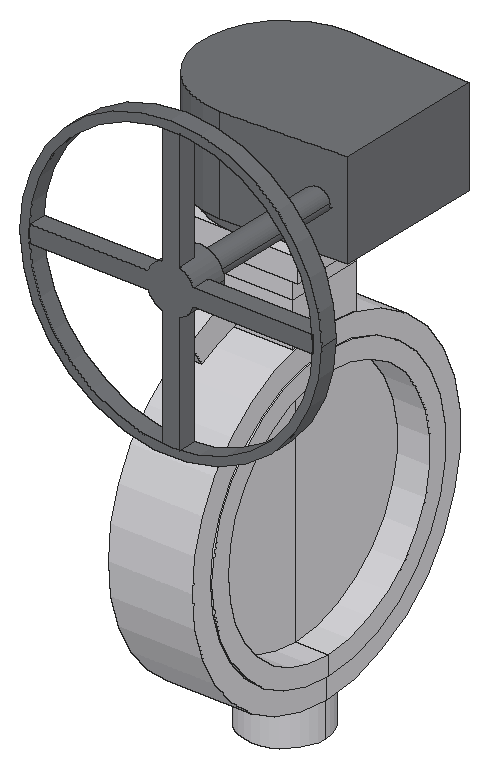
Revit family "HPA 1WSTG Butterfly Valve Gear", category Pipe Accessories, Revit 2018
Family settings
  Round Connector Dimension = Use Diameter
  Part Type = Normal
  Work Plane-Based = No
  Always vertical = Yes
  Cut with Voids When Loaded = No
  Shared = No
Parameters (values of type "Standard")
  pipe radius [instance] = Pipe Diameter / 2  # 3.3125"
  Weight [instance] = size_lookup(LookupTable, "Weight", "NA", Nominal Diameter)  # "24.2 lbs."
  URL = "http://www.fnw.com"
  Standards Lookup Table = "Standards"  # constant formula
  Show Lever Clearance [instance] = no
  R3 [instance] = size_lookup(LookupTable, "R3", 0.000", Nominal Diameter)  # 3.8125"
  R2 [instance] = size_lookup(LookupTable, "R2", 0.000", Nominal Diameter)  # 5.130"
  R1 [instance] = size_lookup(LookupTable, "R1", 0.000", Nominal Diameter)  # 4.380"
  Product ID [instance] = size_lookup(LookupTable, "ProductID", "NA", Nominal Diameter)  # "7239433"
  Pipe Diameter [instance] = size_lookup(Standards Lookup Table, "pipe_dia", 0.000", Nominal Diameter)  # 6.625"
  Part Number [instance] = size_lookup(LookupTable, "PartNumber", "NA", Nominal Diameter)  # "FNWHPA1WSTGU"
  Nominal Diameter [instance] = 6"
  LookupTable [instance] = "HPA 1WSTG Butterfly Valve Gear"  # constant formula
  L4 [instance] = size_lookup(LookupTable, "L4", 0.000", Nominal Diameter)  # 0.5625"
  L3 [instance] = size_lookup(LookupTable, "L3", 0.000", Nominal Diameter)  # 0.060"
  L2 [instance] = size_lookup(LookupTable, "L2", 0.000", Nominal Diameter)  # 0.060"
  L1 [instance] = size_lookup(LookupTable, "L1", 0.000", Nominal Diameter)  # 2.070"
  H4 [instance] = size_lookup(LookupTable, "H4", 0.000", Nominal Diameter)  # 6.980"
  H3 [instance] = size_lookup(LookupTable, "H3", 0.000", Nominal Diameter)  # 6.350"
  H2 [instance] = size_lookup(LookupTable, "H2", 0.000", Nominal Diameter)  # 5.405"
  H1 [instance] = size_lookup(LookupTable, "H1", 0.000", Nominal Diameter)  # 5.310"
  Description BOM [instance] = size_lookup(LookupTable, "Description_BOM", "NA", Nominal Diameter)  # "6 SS SS ULTRA 150# WAFER HP BFV GO"
  D2 [instance] = size_lookup(LookupTable, "D2", 0.000", Nominal Diameter)  # 2.130"
  D1 [instance] = size_lookup(LookupTable, "D1", 0.000", Nominal Diameter)  # 3.540"
  A1 [instance] = 33.00°  # constant formula
  1_Z4 [instance] = size_lookup(LookupTable, "1_Z4", 0.000", Nominal Diameter)  # 1.691"
  1_Z3 [instance] = size_lookup(LookupTable, "1_Z3", 0.000", Nominal Diameter)  # 2.50984"
  1_Z2 [instance] = size_lookup(LookupTable, "1_Z2", 0.000", Nominal Diameter)  # 0.441"
  1_Y5 [instance] = size_lookup(LookupTable, "1_Y5", 0.000", Nominal Diameter)  # 0.47244"
  1_Y4 [instance] = size_lookup(LookupTable, "1_Y4", 0.000", Nominal Diameter)  # 0.94488"
  1_Y3 [instance] = size_lookup(LookupTable, "1_Y3", 0.000", Nominal Diameter)  # 6.76504"
  1_Y2 [instance] = 0.000"  # constant formula
  1_Y1 [instance] = size_lookup(LookupTable, "1_Y1", 0.000", Nominal Diameter)  # 2.047"
  1_X7 [instance] = size_lookup(LookupTable, "1_X7", 0.000", Nominal Diameter)  # 3.935"
  1_X6 [instance] = size_lookup(LookupTable, "1_X6", 0.000", Nominal Diameter)  # 0.62992"
  1_X5 [instance] = size_lookup(LookupTable, "1_X5", 0.000", Nominal Diameter)  # 0.31496"
  1_X4 [instance] = size_lookup(LookupTable, "1_X4", 0.000", Nominal Diameter)  # 2.440"
  1_X3 [instance] = size_lookup(LookupTable, "1_X3", 0.000", Nominal Diameter)  # 3.2274"
Reference planes (in)
  plane 1 "Center (Front/Back)": y = 0
  plane 2: z = 0
  plane 3 "Center (Left/Right)": x = 0
  plane 4: y = 1.035
  plane 5: y = -1.035
  plane 6: x = -1.035
  plane 7: x = 1.035
  plane 8: x = -1.095
  plane 9: x = 1.095
  plane 10: z = -4.38
  plane 11: z = 4.38
  plane 12: z = -5.13
  plane 13: z = 5.13
  plane 14: z = -5.31
  plane 15: z = 5.405
  plane 16: z = 6.35
  plane 17 "Pad Top": z = 6.98
  plane 18: x = -1.77
  plane 19: x = 1.77
  plane 20: z = 3.3125
  plane 21: x = -1.155
  plane 22: x = 1.155
  plane 23: z = 3.8125
  plane 24: x = -0.28125
  plane 25: x = 0.28125
  plane 26: z = -3.8125
  plane 27: x = -0.4725
Forms (in)
  Extrusion 1, solid, material "Steel, Stainless hp"
    sketch origin (0, 0, 0) x (1, 0, 0) y (0, 1, 0)
      loop
        line (-1.77, 1.77) -> (-1.77, -1.77) -> (1.77, -1.77) -> (1.77, 1.77) -> (-1.77, 1.77)
    from 6.35 to 6.98
  Revolve 2, solid, material "Steel, Stainless hp"
    sketch origin (0, 0, 0) x (1, 0, 0) y (0, 0, 1)
      loop
        line (-1.095, 3.8125) -> (1.095, 3.8125) -> (1.095, 4.38) -> (-1.095, 4.38) -> (-1.095, 3.8125)
      axis (-1.095, 0) -> (1.095, 0)
    angle from 0 to 360
  Revolve 3, solid, material "Steel, Stainless hp"
    sketch origin (0, 0, 0) x (1, 0, 0) y (0, 0, 1)
      loop
        line (-1.155, 3.8125) -> (-1.155, 3.3125) -> (-0.28125, 3.3125) -> (-0.28125, 0) -> (0.28125, 0) -> (0.28125, 3.3125) -> (1.155, 3.3125) -> (1.155, 3.8125) -> (-1.155, 3.8125)
      axis (1.155, 0) -> (-1.155, 0)
    angle from 0 to 360
  Extrusion 4, solid, material "Steel, Stainless hp"
    sketch origin (0, 0, 0) x (1, 0, 0) y (0, 1, 0)
      loop
        line (-1.035, 1.035) -> (-1.035, -1.035) -> (1.035, -1.035) -> (1.035, 1.035) -> (-1.035, 1.035)
    from 3.8125 to 5.405
  Extrusion 5, solid, material "Steel, Stainless hp"
    sketch origin (0, 0, 0) x (1, 0, 0) y (0, 1, 0)
      loop
        line (-1.035, 1.035) -> (-1.035, -1.035) -> (1.035, -1.035) -> (1.035, 1.035) -> (-1.035, 1.035)
    from 5.405 to 6.35
  Extrusion 6, solid, material "Steel, Stainless hp"
    sketch origin (0, 0, 0) x (1, 0, 0) y (0, 1, 0)
      loop
        circle (0, 0) r 1.065
    from -5.31 to -3.8125
  Extrusion 7, solid, material "Steel, Stainless hp"
    sketch origin (0, 0, 0) x (0, 1, 0) y (0, 0, 1)
      loop
        arc (2.51608, 4.4706) -> (0, 5.13) -> (-2.51608, 4.4706) r 5.13
        line (-2.51608, 4.4706) -> (-2.10664, 3.84011)
        arc (-2.10664, 3.84011) -> (0, 4.38) -> (2.10664, 3.84011) r 4.38
        line (2.10664, 3.84011) -> (2.51608, 4.4706)
    from -1.035 to -0.4725
Cuts and joins
  joined: Extrusion 4, Extrusion 7
Dimensions and locks (in)
  equal spacing: plane 5, plane 1 "Center (Front/Back)", plane 4
  "L1": plane 5 to plane 4
  equal spacing: plane 7, plane 3 "Center (Left/Right)", plane 6
  "L1": plane 7 to plane 6
  "L2": plane 6 to plane 8
  "L2": plane 7 to plane 9
  "R1": plane 2 to plane 10
  "R1": plane 11 to plane 2
  "R2": plane 13 to plane 2
  "R2": plane 2 to plane 12
  "H1": plane 2 to plane 14
  "H2": plane 15 to plane 2
  "H3": plane 16 to plane 2
  "H4": plane 17 "Pad Top" to plane 2
  equal spacing: plane 18, plane 3 "Center (Left/Right)", plane 19
  "D1": plane 18 to plane 19
  "pipe radius": plane 20 to plane 2
  "L3": plane 21 to plane 8
  "L3": plane 9 to plane 22
  "R3": plane 23 to plane 2
  equal spacing: plane 25, plane 3 "Center (Left/Right)", plane 24
  "L4": plane 25 to plane 24
  "R3": plane 2 to plane 26
  equal spacing: Extrusion 5 sketch curve, plane 3 "Center (Left/Right)", Extrusion 5 sketch curve
  equal spacing: Extrusion 5 sketch curve, plane 1 "Center (Front/Back)", Extrusion 5 sketch curve
  "L1": Extrusion 5 sketch curve to Extrusion 5 sketch curve  (x2)
  equal spacing: Extrusion 1 sketch curve, plane 3 "Center (Left/Right)", Extrusion 1 sketch curve
  equal spacing: Extrusion 1 sketch curve, plane 1 "Center (Front/Back)", Extrusion 1 sketch curve
  "D1": Extrusion 1 sketch curve to Extrusion 1 sketch curve  (x2)
  "L4": plane 27 to plane 6
  equal spacing: Extrusion 7 sketch curve, plane 1 "Center (Front/Back)", Extrusion 7 sketch curve  (x2)
  "D2": diameter of Extrusion 6 sketch curve
  radius of Revolve 2 = 4.380"  (x2)
  "R1": radius of Extrusion 7 sketch curve
  "R2": radius of Extrusion 7 sketch curve
  "A1": angle plane 1 "Center (Front/Back)" to Extrusion 7 sketch curve
  "A1": angle Extrusion 7 sketch curve to plane 1 "Center (Front/Back)"
  aligned and locked: plane 2 to level
  aligned and locked: Extrusion 1 to plane 16
  aligned and locked: plane 17 "Pad Top" to Extrusion 1
  aligned and locked: Revolve 2 sketch curve to plane 2
  aligned and locked: Revolve 2 sketch curve to plane 8
  aligned and locked: plane 9 to Revolve 2 sketch curve
  aligned and locked: Revolve 2 sketch curve to plane 23
  aligned and locked: plane 11 to Revolve 2 sketch curve
  aligned and locked: plane 2 to Revolve 3 sketch curve  (x2)
  aligned and locked: Revolve 3 sketch curve to plane 20  (x2)
  aligned and locked: Revolve 3 sketch curve to plane 23
  aligned and locked: plane 21 to Revolve 3 sketch curve
  aligned and locked: Revolve 3 sketch curve to plane 22
  aligned and locked: plane 6 to Extrusion 4 sketch curve
  aligned and locked: plane 4 to Extrusion 4 sketch curve
  aligned and locked: plane 7 to Extrusion 4 sketch curve
  aligned and locked: plane 5 to Extrusion 4 sketch curve
  aligned and locked: Extrusion 4 to plane 23
  aligned and locked: plane 15 to Extrusion 4
  aligned and locked: Extrusion 5 to plane 15
  aligned and locked: plane 16 to Extrusion 5
  aligned and locked: plane 14 to Extrusion 6
  aligned and locked: Extrusion 6 to plane 26
  aligned and locked: Revolve 3 sketch curve to plane 25
  aligned and locked: Revolve 3 sketch curve to plane 24
  aligned and locked: Extrusion 7 to plane 6
  aligned and locked: plane 27 to Extrusion 7
Automatic sketch dimensions
  plane 18 to Revolve 2 sketch curve = 1.38258"
  plane 19 to Revolve 2 sketch curve = 0.67957"
  plane 18 to Revolve 3 sketch curve = 0.55945"
  Revolve 3 sketch curve to plane 24 = 0.0725"
  plane 1 "Center (Front/Back)" to Extrusion 6 sketch curve = 0.000"
  Extrusion 6 sketch curve to plane 3 "Center (Left/Right)" = 0.000"
  Extrusion 7 sketch curve to Extrusion 7 sketch curve = 0.000"  (x3)
  Extrusion 7 sketch curve to level = 0.000"
  plane 11 to Extrusion 7 sketch curve = 0.0906"
Nested families (in)
  nested 1: "butterfly gear" at (0, 0, 6.98), 1_Y1 <- "D2", 1_X3 <- "1_X3", 1_X4 <- "1_X4", 1_X5 <- "1_X5", 1_Z3 <- "1_Z3", 1_Y2 <- "1_Y2", 1_Z2 <- "1_Z2", D1 <- "D1", 1_X6 <- "1_X6", 1_X7 <- "1_X7", 1_Y3 <- "1_Y3", 1_Y4 <- "1_Y4", 1_Y5 <- "1_Y5", 1_Z4 <- "1_Z4", type "butterfly gear"
    with Spoke half 0.22451", Spoke 0.44901", ORS 3.71625", Locked Angle 3.00°, IRS 0.84867", D1 3.540", 1_Z4 1.691", 1_Z3 Half 1.25492", 1_Z3 2.50984", 1_Z2 0.441", 1_Y5 0.47244", 1_Y4 0.94488", 1_Y3 6.76504", 1_Y2_Half 0.000", 1_Y2 0.000", 1_Y1_Half 1.065", 1_Y1 2.130", 1_X7 3.935", 1_X6 0.62992", 1_X5 0.31496", 1_X4 2.440", 1_X3 3.2274"
Connectors (in)
  piping at (-1.095, 0, 0), diameter 6, driven by "Nominal Diameter"
    settings: on Revolve 2, index 1, connector inside diameter 24", connector length 0.000", flow factor 0, pipe flow 0 GPM, pressure drop 0.00 psi, fitting loss kfactor 0, connector angle 0.00°, fixture units 0, engagement length 0.000", angle of deflection 0.00°, flow configuration 0, flow direction 0, fitting loss method 0, system type 7, joint type 0, gender type 0, connector reference index -1, connector utility 0, adjustable connector no, is connector primary yes, connector description ""
  piping at (1.095, 0, 0), diameter 6, driven by "Nominal Diameter"
    settings: on Revolve 2, index 2, connector inside diameter 24", connector length 0.000", flow factor 0, pipe flow 0 GPM, pressure drop 0.00 psi, fitting loss kfactor 0, connector angle 0.00°, fixture units 0, engagement length 0.000", angle of deflection 0.00°, flow configuration 0, flow direction 0, fitting loss method 0, system type 7, joint type 0, gender type 0, connector reference index -1, connector utility 0, adjustable connector no, is connector primary no, connector description ""
Definition of nested family "butterfly gear"
  Parameters (values of type "butterfly gear")
    Spoke half [instance] = 0.22451"
    Spoke [instance] = Spoke half * 2  # 0.44901"
    ORS [instance] = [1_X7] - 0.21875"  # 1.78125"
    Locked Angle [instance] = 3.00°  # constant formula
    IRS [instance] = [1_X6] + 0.21875"  # 0.90625"
    D1 [instance] = 1.500"
    1_Z4 [instance] = 3.750"
    1_Z3 Half [instance] = [1_Z3] / 2  # 0.375"
    1_Z3 [instance] = 0.750"
    1_Z2 [instance] = 0.250"
    Default Elevation = 48.000"
    1_Y5 [instance] = 0.375"
    1_Y4 [instance] = 1.125"
    1_Y3 [instance] = 3.250"
    1_Y2_Half [instance] = [1_Y2] / 2  # 6.61721"
    1_Y2 [instance] = 13.23443"
    1_Y1_Half [instance] = [1_Y1] / 2  # 0.59961"
    1_Y1 [instance] = 1.19922"
    1_X7 [instance] = 2.000"
    1_X6 [instance] = 0.6875"
    1_X5 [instance] = 0.250"
    1_X4 [instance] = 1.500"
    1_X3 [instance] = 2.15625"
  Reference planes (in)
    plane 1 "Center (Front/Back)": y = 0
    plane 2: z = 0
    plane 3 "Center (Left/Right)": x = 0
    plane 4 "Top": z = 0.25
    plane 5: x = 2.15625
    plane 6: y = 1.19922
    plane 7: y = -1.19922
    plane 8: z = 1
    plane 9: x = 1.5
    plane 10: y = -3.25
    plane 11 "gear center": z = 3.75
    plane 12: y = -2.875
  Forms (in)
    Extrusion 1, solid
      sketch origin (0, 0, 0) x (1, 0, 0) y (0, 1, 0)
        loop
          arc (0, 1.19922) -> (-1.19922, 0) -> (0, -1.19922) r 1.19922
          line (0, -1.19922) -> (2.15625, -1.08621) -> (2.15625, 1.08621) -> (0, 1.19922)
      from 0.25 to 1
    Extrusion 2, solid
      sketch origin (0, 0, 0) x (1, 0, 0) y (0, 1, 0)
        loop
          circle (0, 0) r 0.75
      from 0 to 0.25
    Revolve 3, solid
      sketch origin (0, 0, 3.75) x (-1, 0, 0) y (0, -1, 0)
        loop
          line (-1.5, 0) -> (-1.25, 0) -> (-1.25, 2.125) -> (-0.8125, 2.125) -> (-0.8125, 3.25) -> (-1.5, 3.25) -> (-1.5, 0)
        axis (-1.5, 0) -> (-1.5, 3.25)
      angle from 0 to 360
    Extrusion 4, solid
      sketch origin (0, 0, 0) x (1, 0, 0) y (0, 0, 1)
        loop
          line (1.27549, 5.53125) -> (1.27549, 3.97451) -> (-0.28125, 3.97451) -> (-0.28125, 3.52549) -> (1.27549, 3.52549) -> (1.27549, 1.96875) -> (1.72451, 1.96875) -> (1.72451, 3.52549) -> (3.28125, 3.52549) -> (3.28125, 3.97451) -> (1.72451, 3.97451) -> (1.72451, 5.53125) -> (1.27549, 5.53125)
      from 2.875 to 3.25
    Extrusion 5, solid
      sketch origin (0, 0, 0) x (1, 0, 0) y (0, 0, 1)
        loop
          circle (1.5, 3.75) r 1.78125
        loop
          circle (1.5, 3.75) r 2
      from 2.875 to 3.25
  Cuts and joins
    joined: Revolve 3, Extrusion 4
  Lines and regions (in)
    reference lines
      curve 1: line (1.27406, 0, 0) -> (-2.01203, 0, 0)
      curve 2: line (0, 0.75, 0) -> (0, -0.75, 0)
  Dimensions and locks (in)
    "1_Z2": plane 4 "Top" to level
    "1_X3": plane 3 "Center (Left/Right)" to plane 5
    "1_Y1": plane 7 to plane 1 "Center (Front/Back)"
    "1_Y1": plane 1 "Center (Front/Back)" to plane 6
    "1_Z3": plane 8 to plane 4 "Top"
    "1_X4": plane 3 "Center (Left/Right)" to plane 9
    "1_Y3": plane 10 to plane 1 "Center (Front/Back)"
    "1_X5": Revolve 3 sketch curve to plane 9
    "1_X6": Revolve 3 sketch curve to plane 9
    "1_Y4": Revolve 3 sketch curve to plane 10
    "1_Y5": plane 12 to plane 10
    "1_Z4": plane 11 "gear center" to plane 2
    equal spacing: Extrusion 4 sketch curve, plane 9, Extrusion 4 sketch curve
    equal spacing: Extrusion 4 sketch curve, plane 11 "gear center", Extrusion 4 sketch curve
    "Spoke": Extrusion 4 sketch curve to Extrusion 4 sketch curve  (x2)
    "ORS": Extrusion 4 sketch curve to plane 11 "gear center" to Extrusion 4 sketch curve
    "ORS": Extrusion 4 sketch curve to plane 9 to Extrusion 4 sketch curve
    "1_Y1": radius of Extrusion 1 sketch curve
    "D1": diameter of Extrusion 2 sketch curve
    "ORS": radius of Extrusion 5 sketch curve
    "1_X7": radius of Extrusion 5 sketch curve
    "Locked Angle": angle Extrusion 1 sketch curve to plane 6
    "Locked Angle": angle plane 7 to Extrusion 1 sketch curve
    aligned and locked: plane 2 to level
    aligned and locked: Extrusion 1 sketch curve to plane 5
    aligned and locked: Extrusion 1 to plane 4 "Top"
    aligned and locked: Extrusion 1 to plane 8
    aligned and locked: plane 4 "Top" to Extrusion 2
    aligned and locked: Extrusion 2 to level
    aligned and locked: Revolve 3 sketch curve to plane 9
    aligned and locked: Revolve 3 sketch curve to plane 1 "Center (Front/Back)"
    aligned and locked: Extrusion 4 to plane 10
    aligned and locked: plane 12 to Extrusion 4
    aligned and locked: cut or joined group of Revolve 3, Extrusion 4 to plane 10
    aligned and locked: plane 12 to cut or joined group of Revolve 3, Extrusion 4
    aligned and locked: Extrusion 5 to plane 10
    aligned and locked: plane 12 to Extrusion 5
    aligned and locked: Revolve 3 sketch curve to plane 10
  Automatic sketch dimensions
    plane 1 "Center (Front/Back)" to curve 1 = 0.000"
    curve 2 to plane 3 "Center (Left/Right)" = 0.000"
    curve 1 to plane 3 "Center (Left/Right)" = 2.01203"
    curve 1 to plane 9 = 0.22594"
    plane 7 to curve 2 = 0.44922"
    plane 6 to curve 2 = 0.44922"
    Extrusion 1 sketch curve to plane 3 "Center (Left/Right)" = 0.000"  (x2)
    Extrusion 1 sketch curve to plane 7 = 0.000"
    plane 1 "Center (Front/Back)" to Extrusion 2 sketch curve = 0.000"
    Extrusion 2 sketch curve to plane 3 "Center (Left/Right)" = 0.000"
    Revolve 3 sketch curve to plane 9 = 0.000"
    plane 7 to Revolve 3 sketch curve = 0.19922"
    Revolve 3 sketch curve to Revolve 3 sketch curve = 0.75779"
    Extrusion 4 sketch curve to plane 9 = 0.22451"
    plane 9 to Extrusion 4 sketch curve = 0.22451"
    Extrusion 4 sketch curve to plane 11 "gear center" = 0.22451"
    plane 11 "gear center" to Extrusion 4 sketch curve = 0.22451"
    Extrusion 5 sketch curve to Extrusion 5 sketch curve = 0.000"  (x2)
    Extrusion 5 sketch curve to plane 9 = 0.000"
    Extrusion 5 sketch curve to plane 11 "gear center" = 0.000"
